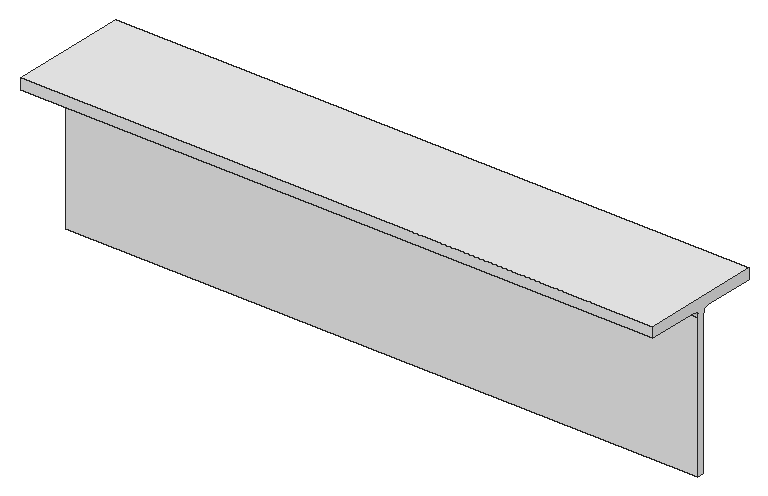
Revit family "202013c247974c0c9ce56a4dfdd69527", category Structural Framing, Revit 2023
Family settings
  Structural Framing Length Roundoff = 0.10 mm
  Section Shape = I-split Parallel Flange
  Material for Model Behavior = Steel
  Always export as geometry = No
  Family Name Key = M_WT Shapes
  Code Name = AISC 14.1
  OmniClass Number = 23.25.30.11.14.14
  OmniClass Title = Beams
  Seek Item ID = WT-Shapes-0000-CAN-ENU
  Always vertical = Yes
  Cut with Voids When Loaded = No
  Symbolic Representation = From Project Settings
  Shared = No
  Show family pre-cut in plan views = Yes
Parameters (values of type "WT305X62.5")
  Width = 229.00 mm
  Web Thickness = 11.90 mm
  Web Fillet = 12.70 mm
  Warping Constant = 0.000002307 (stored number, unit not read)
  Torsional Moment of Inertia = 766000.00 mm⁴
  Structural Material [instance] = Steel, 45-345
  Section Name Key = ""
  Section Area = 8000.0 mm²
  Plastic Modulus weak axis = 267000.0 mm³
  Plastic Modulus strong axis = 533000.0 mm³
  Nominal Weight = 62.4998 kgf/m
  Moment of Inertia weak axis = 19600000.00 mm⁴
  Moment of Inertia strong axis = 69100000.00 mm⁴
  Height = 307.00 mm
  Flange Thickness = 19.60 mm
  Elastic Modulus weak axis = 172000.0 mm³
  Elastic Modulus strong axis = 300000.0 mm³
  Centroid Vertical = 231.60 mm
  Centroid Horizontal = Width / 2  # 114.50 mm
  Bolt Spacing = 139.70 mm
  Assembly Code = ""
  Length [instance] = 1500.00 mm
Types (2, lengths in mm): name | Width | Web Thickness | Web Fillet | Warping Constant | Torsional Moment of Inertia | Section Area | Plastic Modulus weak axis | Plastic Modulus strong axis | Nominal Weight | Moment of Inertia weak axis | Moment of Inertia strong axis | Height | Flange Thickness | Elastic Modulus weak axis | Elastic Modulus strong axis | Centroid Vertical | Centroid Horizontal
  WT305X62.5 | 229.00 | 11.90 | 12.70 | 0.000002307 (stored number, unit not read) | 766000.00 mm⁴ | 8000.0 mm² | 267000.0 mm³ | 533000.0 mm³ | 62.4998 kgf/m | 19600000.00 mm⁴ | 69100000.00 mm⁴ | 307.00 | 19.60 | 172000.0 mm³ | 300000.0 mm³ | 231.60 | 114.50
  WT460X119 | 305.00 | 16.50 | 19.10 | 0.000017959 (stored number, unit not read) | 2570000.00 mm⁴ | 15200.0 mm² | 633000.0 mm³ | 1640000.0 mm³ | 119.00 kgf/m | 61200000.00 mm⁴ | 308000000.00 mm⁴ | 457.00 | 25.90 | 403000.0 mm³ | 914000.0 mm³ | 337.00 | 152.50
Reference planes
  plane 1 "Center (Front/Back)": y = 0
  plane 2: z = 0
  plane 3 "Center (Left/Right)": x = 4.61
  plane 4 "Member Left": x = -604.99
  plane 5 "Member Right": x = 614.21
  plane 6: y = 114.5
  plane 7: y = -114.5
  plane 8 "Left": x = -757.39
  plane 9 "Right": x = 742.61
  plane 10: z = 75.4
  plane 11: z = -231.6
Forms (mm)
  Sweep 1, solid, material "Steel, 45-345" <- "Structural Material", detail levels medium
    path origin (0, 0, 0) x (1, 0, 0) y (0, 1, 0)
      loop
        line (614.21, 0) -> (-604.99, 0)
    profile "M_Structural Tee-Profile-Medium : M_Structural Tee-Profile-Medium" origin (4.61, 0, 0) x (0, -1, 0) y (0, 0, 1)
      loop
        line (-114.5, 75.4) -> (-114.5, 55.8) -> (-5.95, 55.8) -> (-5.95, -231.6) -> (5.95, -231.6) -> (5.95, 55.8) -> (114.5, 55.8) -> (114.5, 75.4) -> (-114.5, 75.4)
  Sweep 2, solid, material "Steel, 45-345" <- "Structural Material", detail levels fine
    path origin (0, 0, 0) x (1, 0, 0) y (0, 1, 0)
      loop
        line (614.21, 0) -> (-604.99, 0)
    profile "M_Structural Tee-Profile-Fine : M_Structural Tee-Profile-Fine" origin (4.61, 0, 0) x (0, -1, 0) y (0, 0, 1)
      loop
        line (-114.5, 75.4) -> (-114.5, 55.8) -> (-18.65, 55.8)
        arc (-18.65, 55.8) -> (-9.67, 52.08) -> (-5.95, 43.1) r 12.7
        line (-5.95, 43.1) -> (-5.95, -231.6) -> (5.95, -231.6) -> (5.95, 43.1)
        arc (5.95, 43.1) -> (9.67, 52.08) -> (18.65, 55.8) r 12.7
        line (18.65, 55.8) -> (114.5, 55.8) -> (114.5, 75.4) -> (-114.5, 75.4)
Lines and regions (mm)
  symbolic lines, style "Hidden Faces", detail levels medium+fine
    curve 1: line (614.21, -5.95, 0) -> (-604.99, -5.95, 0)
    curve 2: line (614.21, 5.95, 0) -> (-604.99, 5.95, 0)
  symbolic lines, style "Stick Symbols", detail levels coarse
    curve 3: line (4.61, 114.5, 75.4) -> (4.61, -114.5, 75.4)
    curve 4: line (4.61, 0, 75.4) -> (4.61, 0, -231.6)
Dimensions and locks
  "Width": plane 6 to plane 7
  equal spacing: plane 6, plane 1 "Center (Front/Back)", plane 7
  "Length": plane 8 "Left" to plane 9 "Right"
  "Height": plane 10 to plane 11
  "Centroid Vertical": level to plane 11
  equal spacing: curve 2, plane 1 "Center (Front/Back)", curve 1
  "Web Thickness": curve 2 to curve 1
  aligned and locked: Sweep 1 sketch curve to plane 1 "Center (Front/Back)"
  aligned and locked: Sweep 2 sketch curve to plane 1 "Center (Front/Back)"
  aligned and locked: Sweep 2 to curve 3  (x2)
  aligned and locked: curve 4 to Sweep 1
  aligned and locked: curve 3 to Sweep 2
  aligned and locked: plane 4 "Member Left" to Sweep 2 sketch curve
  aligned and locked: plane 5 "Member Right" to Sweep 2 sketch curve
  aligned and locked: plane 4 "Member Left" to Sweep 1 sketch curve
  aligned and locked: plane 5 "Member Right" to Sweep 1 sketch curve
  aligned and locked: plane 4 "Member Left" to curve 2
  aligned and locked: plane 4 "Member Left" to curve 1
  aligned and locked: plane 5 "Member Right" to curve 1
  aligned and locked: plane 5 "Member Right" to curve 2
  aligned and locked: curve 4 to plane 1 "Center (Front/Back)"
  aligned and locked: plane 10 to curve 4
